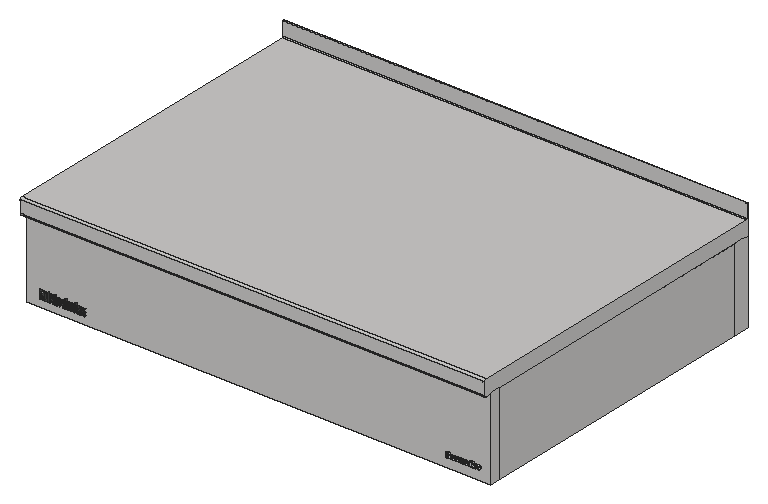
Revit family "QF_ELECTROLUXPROFESSIONAL_588570_MBNABBKOOO", category Attrezzature speciali, Revit 2020
Family settings
  Quota connettore circolare = Usa diametro
  Tipo di parte = Normale
  Basato su piano di lavoro = No
  Sempre verticale = Sì
  Taglio con vuoti quando caricato = No
  Condiviso = No
  Punto di calcolo locali = No
Parameters (values of type "Standard")
  Weight = 35.00 kg
  Watts = 0 W
  Volts = 0 V
  URL Manufacturer = "https://www.electroluxprofessional.com/"
  URL = "https://www.electroluxprofessional.com/"
  Steam Supply Size = 0"
  Steam Supply Minimum Pressure = 0.00 psi
  Steam Supply Maximum Pressure = 0.00 psi
  Steam Consumption per Hour = 0
  Refrigeration Suction Line Size = 0 mm
  Refrigeration Liquid Line Size = 0 mm
  Refrigerant Compressor Remote = yes
  Prospetto di default = 0 mm
  Phase = 0
  Modello = "MBNABBKOOO"
  Produttore = "Electrolux Professional"
  Length Actual = 1200 mm  # constant formula
  Item Number = "588570"
  Hot Water Size = 0"
  Height Actual = 250 mm  # constant formula
  HP = "0 HP"
  Gas Size = 0"
  Gas KW = 0
  Gas Input Pressure = 0.0 Btu/h
  Direct Waste Size = 0"
  Descrizione = "WORK TOP,CLOSED,1S,BACKSPL,1200X850X250H"
  Depth Actual = 850 mm  # constant formula
  Cycle = 0 Hz
  Condensate Return Size = 0"
  Compressed Air Volume = 0 GPM
  Compressed Air Size = 0"
  Compressed Air Pressure = 0.00 psi
  Cold Water Size = 0"
  Accessory = yes
Reference planes
  plane 1 "BACK": y = 0
  plane 2: z = 0
  plane 3 "LEFT": x = 0
  plane 4 "RIGHT": x = 1200
  plane 5 "FRONT": y = -850
  plane 6 "PLAIN": z = 900
  plane 7 "Center (Left/Right)": x = 600
  plane 8 "Center (Front/Back)": y = -425
  plane 9 "Grill": z = 888
  plane 10 "BASE": z = 650
  plane 11 "TOP": z = 938
  plane 12: x = 1085
  plane 13: x = 35
Forms (mm)
  Extrusion 1, solid, material "QF_Finishes_Stainless Steel"
    sketch origin (0, 0, 650) x (0, 1, 0) y (0, 0, 1)
      loop
        line (0, 288) -> (-2, 288) -> (-2, 252)
        arc (-2, 252) -> (-2.586, 250.586) -> (-4, 250) r 2
        line (-4, 250) -> (-845, 250)
        arc (-845, 250) -> (-848.536, 248.536) -> (-850, 245) r 5
        line (-850, 245) -> (-850, 214)
        arc (-850, 214) -> (-848.571, 210.936) -> (-845.305, 210.061) r 4
        line (-845.305, 210.061) -> (-830, 212.969) -> (-20, 212.969) -> (-4.695, 210.061)
        arc (-4.695, 210.061) -> (-1.429, 210.936) -> (0, 214) r 4
        line (0, 214) -> (0, 288)
    from 0 to 1200
  Extrusion 2, solid, material "QF_Finishes_Stainless Steel"
    sketch origin (600, 296.4, 1869.2) x (0, 1, 0) y (0, 0, 1)
      loop
        line (-299.4, -1009.461) -> (-316.4, -1006.231) -> (-341.4, -1006.231) -> (-341.4, -1219.2) -> (-299.4, -1219.2) -> (-299.4, -1009.461)
    from -600 to 600
  Extrusion 3, solid, material "QF_Finishes_Stainless Steel"
    sketch origin (0, 0, 650) x (0, 1, 0) y (0, 0, 1)
      loop
        line (-45, 212.969) -> (-805, 212.969) -> (-805, 0) -> (-45, 0) -> (-45, 212.969)
    from 0 to 1200
  Extrusion 4, solid, material "QF_Finishes_Stainless Steel"
    sketch origin (0, 0, 0) x (0, 1, 0) y (0, 0, 1)
      loop
        line (-805, 862.969) -> (-830, 862.969) -> (-830, 650) -> (-805, 650) -> (-805, 862.969)
    from 0 to 1200
Lines and regions (mm)
  symbolic lines
    curve 1: line (0, -850, 0) -> (0, 0, 0)
    curve 2: line (0, -850, 888) -> (1200, -850, 888)
    curve 3: line (1200, 0, 888) -> (0, 0, 888)
    curve 4: line (1200, -850, 888) -> (1200, 0, 888)
    curve 5: line (1200, -2, 888) -> (0, -2, 888)
Dimensions and locks
  plane 3 "LEFT" to plane 4 "RIGHT" = 1200 mm
  plane 5 "FRONT" to plane 1 "BACK" = 850 mm
  equal spacing: plane 3 "LEFT", plane 7 "Center (Left/Right)", plane 4 "RIGHT"
  equal spacing: plane 5 "FRONT", plane 8 "Center (Front/Back)", plane 1 "BACK"
  locked: plane 6 "PLAIN" to level at 900
  plane 6 "PLAIN" to plane 10 "BASE" = 250 mm
  plane 11 "TOP" to plane 6 "PLAIN" = 38 mm
  locked: plane 12 to plane 4 "RIGHT" at 115
  plane 13 to plane 3 "LEFT" = 35 mm
  aligned and locked: level to plane 2
  aligned and locked: Extrusion 4 to plane 3 "LEFT"
  aligned and locked: Extrusion 4 to plane 4 "RIGHT"
  aligned and locked: plane 3 "LEFT" to Extrusion 2
  aligned and locked: Extrusion 2 to plane 4 "RIGHT"
  aligned and locked: Extrusion 3 to plane 4 "RIGHT"
  aligned and locked: Extrusion 3 to plane 3 "LEFT"
  aligned and locked: Extrusion 1 to plane 3 "LEFT"
  aligned and locked: Extrusion 1 to plane 4 "RIGHT"
  aligned and locked: nested 1 to plane 12
Automatic sketch dimensions
  plane 1 "BACK" to curve 1 = 0 mm
  curve 1 to plane 3 "LEFT" = 0 mm
  plane 5 "FRONT" to curve 1 = 0 mm
  Extrusion 1 sketch curve to plane 5 "FRONT" = 0 mm
  Extrusion 1 sketch curve to plane 6 "PLAIN" = 0 mm
  Extrusion 1 sketch curve to plane 11 "TOP" = 0 mm
  Extrusion 1 sketch curve to plane 1 "BACK" = 0 mm
  Extrusion 1 sketch curve to Extrusion 1 sketch curve = 4 mm
  Extrusion 1 sketch curve to Extrusion 1 sketch curve = 0.695 mm
  Extrusion 1 sketch curve to Extrusion 1 sketch curve = 5 mm
  Extrusion 1 sketch curve to Extrusion 1 sketch curve = 15.305 mm
  plane 1 "BACK" to Extrusion 1 sketch curve = 20 mm
  plane 1 "BACK" to Extrusion 1 sketch curve = 4.695 mm
  plane 1 "BACK" to Extrusion 1 sketch curve = 4 mm  (x2)
  plane 1 "BACK" to Extrusion 1 sketch curve = 2 mm
  Extrusion 1 sketch curve to plane 9 "Grill" = 24 mm  (x2)
  Extrusion 1 sketch curve to Extrusion 1 sketch curve = 2.909 mm
  Extrusion 2 sketch curve to plane 10 "BASE" = 0 mm
  plane 1 "BACK" to Extrusion 2 sketch curve = 45 mm
  plane 1 "BACK" to Extrusion 2 sketch curve = 20 mm
  plane 1 "BACK" to Extrusion 2 sketch curve = 3 mm
  Extrusion 2 sketch curve to plane 9 "Grill" = 28.261 mm
  Extrusion 2 sketch curve to plane 9 "Grill" = 25.031 mm
  Extrusion 3 sketch curve to plane 10 "BASE" = 0 mm
  Extrusion 3 sketch curve to plane 5 "FRONT" = 45 mm
  plane 1 "BACK" to Extrusion 3 sketch curve = 45 mm
  Extrusion 3 sketch curve to plane 9 "Grill" = 25.031 mm
  curve 2 to plane 4 "RIGHT" = 0 mm
  plane 5 "FRONT" to curve 2 = 0 mm
  curve 5 to plane 3 "LEFT" = 0 mm
  plane 1 "BACK" to curve 4 = 0 mm
  curve 3 to plane 3 "LEFT" = 0 mm
  curve 2 to plane 3 "LEFT" = 0 mm
  curve 5 to curve 3 = 2 mm
  Extrusion 4 sketch curve to plane 10 "BASE" = 0 mm
  Extrusion 4 sketch curve to plane 5 "FRONT" = 20 mm
  Extrusion 4 sketch curve to Extrusion 4 sketch curve = 25 mm
  Extrusion 4 sketch curve to plane 9 "Grill" = 25.031 mm
Nested families
  nested 1: "ELX_ThermaLine_Small" at (1124.867, -830, 680) x (1, 0, 0) z (0, -1, 0), type "ELX_ThermaLine_Small"
    with Show Logo yes, Material_Logo QF_Finishes_Black
  nested 2: "ELX_Professional_Logo_Small" at (94.486, -830, 682.232) x (1, 0, 0) z (0, -1, 0), type "ELX_Professional_Logo_Small"
    with Show Logo yes, Material_Logo QF_Finishes_Black
Definition of nested family "ELX_ThermaLine_Small"
  Parameters
    Show Logo [instance] = yes
    Material_Logo [instance] = none
    Default Elevation = 0 mm
  Reference planes
    plane 1 "Centro (Fronte/Retro)": y = 0
    plane 2: z = 0
    plane 3 "Centro (Sinistra/Destra)": x = 0
  Forms (mm)
    Extrusion 1, solid
      sketch origin (0, 0, 0) x (1, 0, 0) y (0, 1, 0)
        loop
          line (-1219.2, 1219.2) -> (-1219.2, -1219.2) -> (1219.2, -1219.2) -> (1219.2, 1219.2) -> (-1219.2, 1219.2)
      from 0 to -304.8
    Extrusion 2, solid
      sketch origin (0, 0, 0) x (1, 0, 0) y (0, 1, 0)
        loop
          line (-37.494, 1.229) -> (-35.908, 1.229) -> (-35.908, 3.066) -> (-37.494, 3.066) -> (-37.494, 6.221) -> (-39.867, 4.881) -> (-39.867, 3.066) -> (-40.969, 3.066) -> (-40.969, 1.229) -> (-39.867, 1.229) -> (-39.867, -3.407)
          arc (-39.867, -3.407) -> (-38.982, -5.513) -> (-36.751, -6.001) r 2.478
          line (-36.751, -6.001) -> (-35.638, -5.7) -> (-35.9, -3.835) -> (-36.661, -4.039)
          arc (-36.661, -4.039) -> (-37.236, -3.924) -> (-37.494, -3.399) r 0.662
          line (-37.494, -3.399) -> (-37.494, 1.229)
        loop
          line (-34.242, 6.539) -> (-34.242, -5.848) -> (-31.854, -5.848) -> (-31.854, -0.078)
          arc (-31.854, -0.078) -> (-30.939, 1.249) -> (-29.33, 1.367) r 1.866
          arc (-29.33, 1.367) -> (-28.695, 0.768) -> (-28.461, -0.073) r 1.627
          line (-28.461, -0.073) -> (-28.461, -5.848) -> (-26.086, -5.848) -> (-26.064, -0.46)
          arc (-26.064, -0.46) -> (-26.261, 0.932) -> (-26.786, 2.237) r 5.825
          arc (-26.786, 2.237) -> (-29.381, 3.264) -> (-31.854, 1.971) r 3.353
          line (-31.854, 1.971) -> (-31.854, 6.539) -> (-34.242, 6.539)
        loop
          arc (-18.398, -0.598) -> (-18.893, 0.879) -> (-20.326, 1.487) r 1.897
          arc (-20.326, 1.487) -> (-21.461, 0.708) -> (-21.897, -0.598) r 2.164
          line (-21.897, -0.598) -> (-18.398, -0.598)
        loop
          arc (-16.021, -2.044) -> (-16.754, 1.227) -> (-19.444, 3.226) r 4.814
          arc (-19.444, 3.226) -> (-22.137, 2.788) -> (-23.943, 0.743) r 4.054
          arc (-23.943, 0.743) -> (-24.382, -1.249) -> (-24.162, -3.276) r 6.289
          arc (-24.162, -3.276) -> (-23.302, -4.71) -> (-21.958, -5.705) r 4.28
          arc (-21.958, -5.705) -> (-18.558, -5.814) -> (-16.152, -3.409) r 4.28
          line (-16.152, -3.409) -> (-18.5, -2.995)
          arc (-18.5, -2.995) -> (-19.273, -3.994) -> (-20.533, -4.076) r 1.536
          arc (-20.533, -4.076) -> (-21.56, -3.281) -> (-21.958, -2.044) r 2.197
          line (-21.958, -2.044) -> (-16.021, -2.044)
        loop
          line (-14.165, -5.848) -> (-11.819, -5.848) -> (-11.819, -2.138)
          arc (-11.819, -2.138) -> (-11.787, -1.156) -> (-11.637, -0.185) r 8.18
          arc (-11.637, -0.185) -> (-10.644, 0.972) -> (-9.132, 0.776) r 1.603
          line (-9.132, 0.776) -> (-8.419, 2.846)
          arc (-8.419, 2.846) -> (-10.432, 3.118) -> (-11.994, 1.821) r 2.527
          line (-11.994, 1.821) -> (-11.994, 3.094) -> (-14.165, 3.094) -> (-14.165, -5.848)
        loop
          line (-7.579, 3.094) -> (-7.579, -5.848) -> (-5.178, -5.848) -> (-5.178, -0.756)
          arc (-5.178, -0.756) -> (-4.727, 0.679) -> (-3.417, 1.419) r 2.05
          arc (-3.417, 1.419) -> (-2.499, 0.908) -> (-2.155, -0.085) r 1.471
          line (-2.155, -0.085) -> (-2.155, -5.848) -> (0.23, -5.848) -> (0.23, -1.001)
          arc (0.23, -1.001) -> (0.47, 0.127) -> (1.148, 1.061) r 2.775
          arc (1.148, 1.061) -> (2.225, 1.329) -> (3.05, 0.587) r 1.182
          arc (3.05, 0.587) -> (3.199, -0.019) -> (3.214, -0.642) r 2.894
          line (3.214, -0.642) -> (3.214, -5.848) -> (5.601, -5.848) -> (5.601, 0.261)
          arc (5.601, 0.261) -> (4.87, 2.263) -> (2.976, 3.241) r 2.932
          arc (2.976, 3.241) -> (1.284, 2.973) -> (-0.047, 1.896) r 3.309
          arc (-0.047, 1.896) -> (-1.116, 2.865) -> (-2.506, 3.258) r 3.16
          arc (-2.506, 3.258) -> (-4.105, 2.942) -> (-5.376, 1.92) r 3.419
          line (-5.376, 1.92) -> (-5.376, 3.094) -> (-7.579, 3.094)
        loop
          line (7.583, 0.738) -> (9.702, 0.364)
          arc (9.702, 0.364) -> (11.441, 1.492) -> (12.855, -0.023) r 1.613
          line (12.855, -0.023) -> (9.782, -0.789)
          arc (9.782, -0.789) -> (8.559, -1.346) -> (7.617, -2.305) r 3.687
          arc (7.617, -2.305) -> (7.499, -3.681) -> (7.901, -5.003) r 3.651
          arc (7.901, -5.003) -> (9.107, -5.766) -> (10.515, -6.006) r 3.635
          arc (10.515, -6.006) -> (11.898, -5.697) -> (13.067, -4.895) r 3.734
          line (13.067, -4.895) -> (13.376, -5.848) -> (15.75, -5.848) -> (15.212, -4.193) -> (15.212, 0.38)
          arc (15.212, 0.38) -> (14.897, 1.849) -> (13.818, 2.895) r 2.585
          arc (13.818, 2.895) -> (11.792, 3.442) -> (9.719, 3.11) r 5.005
          arc (9.719, 3.11) -> (8.369, 2.178) -> (7.583, 0.738) r 3.54
        loop
          line (19.723, -5.848) -> (22.233, -5.848) -> (24.854, 6.484) -> (22.345, 6.484) -> (19.723, -5.848)
        loop
          line (24.583, -5.848) -> (26.953, -5.848) -> (28.848, 3.066) -> (26.478, 3.066) -> (24.583, -5.848)
        loop
          line (27.204, 6.484) -> (26.741, 4.305) -> (29.111, 4.305) -> (29.575, 6.484) -> (27.204, 6.484)
        loop
          line (29.355, -5.848) -> (31.849, -5.848) -> (33.098, 0.028)
          arc (33.098, 0.028) -> (34.169, 1.306) -> (35.832, 1.422) r 2.132
          arc (35.832, 1.422) -> (36.324, 0.752) -> (36.383, -0.078) r 1.5
          line (36.383, -0.078) -> (35.157, -5.848) -> (37.536, -5.848) -> (38.936, 0.738)
          arc (38.936, 0.738) -> (38.775, 2.091) -> (37.825, 3.066) r 2.118
          arc (37.825, 3.066) -> (35.392, 3.175) -> (33.295, 1.937) r 4.271
          line (33.295, 1.937) -> (33.535, 3.066) -> (31.25, 3.066) -> (29.355, -5.848)
        loop
          line (42.792, -0.64) -> (46.589, -0.64)
          arc (46.589, -0.64) -> (46.639, 0.124) -> (46.327, 0.823) r 1.589
          arc (46.327, 0.823) -> (45.117, 1.521) -> (43.762, 1.183) r 1.865
          arc (43.762, 1.183) -> (43.141, 0.344) -> (42.792, -0.64) r 3.538
        loop
          line (42.565, -2.138) -> (48.593, -2.138)
          arc (48.593, -2.138) -> (48.58, 0.597) -> (46.983, 2.818) r 4.494
          arc (46.983, 2.818) -> (44.191, 3.28) -> (41.725, 1.891) r 4.26
          arc (41.725, 1.891) -> (40.503, -0.3) -> (40.284, -2.799) r 6.003
          arc (40.284, -2.799) -> (40.959, -4.468) -> (42.377, -5.576) r 3.482
          arc (42.377, -5.576) -> (44.265, -5.961) -> (46.152, -5.576) r 4.823
          arc (46.152, -5.576) -> (47.432, -4.731) -> (48.328, -3.485) r 4.245
          line (48.328, -3.485) -> (46.168, -3.105)
          arc (46.168, -3.105) -> (45.214, -4.072) -> (43.859, -4.181) r 1.953
          arc (43.859, -4.181) -> (42.821, -3.408) -> (42.565, -2.138) r 1.81
        loop
          line (12.868, -1.553) -> (10.216, -2.214)
          arc (10.216, -2.214) -> (9.747, -3.136) -> (10.216, -4.058) r 1.14
          arc (10.216, -4.058) -> (11.537, -4.249) -> (12.614, -3.46) r 1.763
          arc (12.614, -3.46) -> (12.858, -2.522) -> (12.868, -1.553) r 3.97
      from 0 to 1.6
  Dimensions and locks
    aligned and locked: plane 2 to Extrusion 1
    aligned and locked: level to Extrusion 1
Definition of nested family "ELX_Professional_Logo_Small"
  Parameters
    Show Logo [instance] = yes
    Material_Logo [instance] = none
    Default Elevation = 0 mm
  Reference planes
    plane 1 "Centro (Fronte/Retro)": y = 0
    plane 2: z = 0
    plane 3 "Centro (Sinistra/Destra)": x = 0
  Forms (mm)
    Extrusion 1, solid
      sketch origin (0, 0, 0) x (1, 0, 0) y (0, 1, 0)
        loop
          line (-1219.2, 1219.2) -> (-1219.2, -1219.2) -> (1219.2, -1219.2) -> (1219.2, 1219.2) -> (-1219.2, 1219.2)
      from 0 to -304.8
    Extrusion 2, solid, material <- "Material_Logo"
      sketch origin (15.5, 0, 0) x (1, 0, 0) y (0, 1, 0)
        loop
          spline (-42.99, -1.24) -> (-43.195, -1.231) -> (-43.415, -1.203) -> (-43.642, -1.152) -> (-43.87, -1.074) -> (-44.095, -0.966) -> (-44.309, -0.825) -> (-44.506, -0.647) -> (-44.681, -0.429) -> (-44.828, -0.167) -> (-44.94, 0.142) -> (-45.011, 0.501) -> (-45.037, 0.915)
          line (-45.037, 0.915) -> (-45.037, 2.748) -> (-38.984, 2.748) -> (-38.984, 5.086) -> (-45.038, 5.086) -> (-45.038, 8.489) -> (-38.599, 8.489) -> (-38.599, 10.82) -> (-47.515, 10.82) -> (-47.515, 1.021)
          spline (-47.515, 1.021) -> (-47.493, 0.418) -> (-47.425, -0.15) -> (-47.311, -0.682) -> (-47.15, -1.175) -> (-46.939, -1.628) -> (-46.678, -2.038) -> (-46.365, -2.404) -> (-46, -2.723) -> (-45.58, -2.995) -> (-45.105, -3.216) -> (-44.573, -3.385) -> (-43.983, -3.499)
          line (-43.983, -3.499) -> (-43.01, -3.569) -> (-38.426, -3.569) -> (-38.426, -1.24) -> (-42.99, -1.24)
        loop
          line (-36.666, 4.021) -> (-36.666, -3.573) -> (-34.188, -3.573) -> (-34.188, 10.824) -> (-36.666, 10.824) -> (-36.666, 4.021)
        loop
          spline (-21.915, 1.897) -> (-21.957, 2.615) -> (-22.082, 3.303) -> (-22.285, 3.955) -> (-22.563, 4.564) -> (-22.913, 5.124) -> (-23.331, 5.629) -> (-23.814, 6.074) -> (-24.359, 6.451) -> (-24.961, 6.755) -> (-25.618, 6.98) -> (-26.326, 7.119) -> (-27.081, 7.167)
          spline (-27.081, 7.167) -> (-27.853, 7.122) -> (-28.586, 6.99) -> (-29.275, 6.774) -> (-29.915, 6.478) -> (-30.5, 6.104) -> (-31.024, 5.657) -> (-31.483, 5.138) -> (-31.871, 4.553) -> (-32.182, 3.904) -> (-32.411, 3.194) -> (-32.552, 2.427) -> (-32.6, 1.606)
          spline (-32.6, 1.606) -> (-32.553, 0.805) -> (-32.416, 0.057) -> (-32.193, -0.637) -> (-31.887, -1.271) -> (-31.504, -1.843) -> (-31.048, -2.35) -> (-30.523, -2.788) -> (-29.934, -3.154) -> (-29.284, -3.444) -> (-28.579, -3.656) -> (-27.822, -3.785) -> (-27.019, -3.829)
          spline (-27.019, -3.829) -> (-26.627, -3.82) -> (-26.239, -3.79) -> (-25.856, -3.739) -> (-25.477, -3.663) -> (-25.103, -3.562) -> (-24.734, -3.432) -> (-24.369, -3.273) -> (-24.01, -3.082) -> (-23.655, -2.858) -> (-23.305, -2.597) -> (-22.96, -2.299) -> (-22.621, -1.962)
          line (-22.621, -1.962) -> (-24.114, -0.509)
          spline (-24.114, -0.509) -> (-24.311, -0.699) -> (-24.509, -0.872) -> (-24.71, -1.03) -> (-24.915, -1.172) -> (-25.126, -1.297) -> (-25.346, -1.407) -> (-25.576, -1.5) -> (-25.817, -1.576) -> (-26.072, -1.636) -> (-26.342, -1.678) -> (-26.629, -1.704) -> (-26.936, -1.713)
          spline (-26.936, -1.713) -> (-27.384, -1.691) -> (-27.805, -1.625) -> (-28.196, -1.518) -> (-28.556, -1.372) -> (-28.882, -1.187) -> (-29.174, -0.966) -> (-29.429, -0.71) -> (-29.645, -0.422) -> (-29.821, -0.102) -> (-29.955, 0.247) -> (-30.045, 0.623) -> (-30.089, 1.026)
          line (-30.089, 1.026) -> (-21.956, 1.026) -> (-21.915, 1.897)
        loop
          spline (-24.446, 2.769) -> (-24.47, 3.075) -> (-24.54, 3.37) -> (-24.654, 3.65) -> (-24.807, 3.913) -> (-24.996, 4.156) -> (-25.219, 4.376) -> (-25.472, 4.57) -> (-25.753, 4.736) -> (-26.057, 4.869) -> (-26.382, 4.968) -> (-26.724, 5.03) -> (-27.081, 5.051)
          spline (-27.081, 5.051) -> (-27.464, 5.03) -> (-27.832, 4.97) -> (-28.183, 4.872) -> (-28.513, 4.74) -> (-28.819, 4.577) -> (-29.099, 4.384) -> (-29.347, 4.165) -> (-29.563, 3.923) -> (-29.742, 3.659) -> (-29.881, 3.377) -> (-29.977, 3.079) -> (-30.027, 2.769)
          line (-30.027, 2.769) -> (-24.446, 2.769)
        loop
          spline (-18.167, 1.669) -> (-18.138, 2.13) -> (-18.055, 2.567) -> (-17.921, 2.978) -> (-17.739, 3.358) -> (-17.512, 3.705) -> (-17.243, 4.016) -> (-16.937, 4.287) -> (-16.596, 4.517) -> (-16.223, 4.7) -> (-15.823, 4.835) -> (-15.398, 4.919) -> (-14.951, 4.947)
          spline (-14.951, 4.947) -> (-14.677, 4.938) -> (-14.414, 4.913) -> (-14.162, 4.871) -> (-13.921, 4.812) -> (-13.69, 4.738) -> (-13.467, 4.649) -> (-13.254, 4.544) -> (-13.048, 4.424) -> (-12.85, 4.291) -> (-12.659, 4.143) -> (-12.474, 3.981) -> (-12.295, 3.806)
          line (-12.295, 3.806) -> (-10.76, 5.403)
          spline (-10.76, 5.403) -> (-11.065, 5.709) -> (-11.38, 5.984) -> (-11.703, 6.228) -> (-12.035, 6.443) -> (-12.375, 6.63) -> (-12.723, 6.788) -> (-13.078, 6.92) -> (-13.44, 7.026) -> (-13.809, 7.107) -> (-14.184, 7.164) -> (-14.564, 7.198) -> (-14.951, 7.209)
          spline (-14.951, 7.209) -> (-15.725, 7.161) -> (-16.467, 7.02) -> (-17.169, 6.792) -> (-17.826, 6.482) -> (-18.43, 6.096) -> (-18.976, 5.637) -> (-19.455, 5.112) -> (-19.862, 4.525) -> (-20.19, 3.882) -> (-20.433, 3.189) -> (-20.584, 2.449) -> (-20.635, 1.669)
          spline (-20.635, 1.669) -> (-20.584, 0.889) -> (-20.433, 0.149) -> (-20.19, -0.545) -> (-19.862, -1.187) -> (-19.455, -1.774) -> (-18.976, -2.299) -> (-18.43, -2.758) -> (-17.826, -3.145) -> (-17.169, -3.454) -> (-16.467, -3.682) -> (-15.725, -3.823) -> (-14.951, -3.871)
          spline (-14.951, -3.871) -> (-14.564, -3.86) -> (-14.184, -3.826) -> (-13.809, -3.77) -> (-13.44, -3.689) -> (-13.078, -3.583) -> (-12.723, -3.451) -> (-12.375, -3.292) -> (-12.035, -3.105) -> (-11.703, -2.89) -> (-11.38, -2.646) -> (-11.065, -2.371) -> (-10.76, -2.066)
          line (-10.76, -2.066) -> (-12.295, -0.468)
          spline (-12.295, -0.468) -> (-12.474, -0.643) -> (-12.659, -0.805) -> (-12.85, -0.953) -> (-13.048, -1.087) -> (-13.254, -1.206) -> (-13.467, -1.311) -> (-13.69, -1.4) -> (-13.921, -1.475) -> (-14.162, -1.533) -> (-14.414, -1.575) -> (-14.677, -1.6) -> (-14.951, -1.609)
          spline (-14.951, -1.609) -> (-15.398, -1.581) -> (-15.823, -1.497) -> (-16.223, -1.362) -> (-16.596, -1.179) -> (-16.937, -0.95) -> (-17.243, -0.678) -> (-17.512, -0.367) -> (-17.739, -0.02) -> (-17.921, 0.36) -> (-18.055, 0.771) -> (-18.138, 1.208) -> (-18.167, 1.669)
        loop
          spline (-4.441, -1.243) -> (-4.659, -1.247) -> (-4.894, -1.23) -> (-5.137, -1.19) -> (-5.384, -1.121) -> (-5.628, -1.021) -> (-5.864, -0.884) -> (-6.084, -0.708) -> (-6.283, -0.488) -> (-6.454, -0.219) -> (-6.592, 0.101) -> (-6.69, 0.478) -> (-6.742, 0.914)
          line (-6.742, 0.914) -> (-6.742, 4.587) -> (-4.487, 4.587) -> (-4.487, 6.838) -> (-6.738, 6.838) -> (-6.738, 10.824) -> (-9.217, 10.824) -> (-9.217, 0.773)
          spline (-9.217, 0.773) -> (-9.164, 0.19) -> (-9.068, -0.358) -> (-8.928, -0.87) -> (-8.742, -1.343) -> (-8.511, -1.777) -> (-8.232, -2.168) -> (-7.904, -2.515) -> (-7.527, -2.816) -> (-7.098, -3.069) -> (-6.618, -3.273) -> (-6.084, -3.426) -> (-5.496, -3.525)
          line (-5.496, -3.525) -> (-4.45, -3.573) -> (-4.441, -1.243)
        loop
          spline (3.898, 6.983) -> (3.469, 7.009) -> (3.056, 7.001) -> (2.661, 6.961) -> (2.283, 6.888) -> (1.925, 6.785) -> (1.588, 6.652) -> (1.272, 6.49) -> (0.979, 6.301) -> (0.71, 6.085) -> (0.465, 5.844) -> (0.247, 5.578) -> (0.056, 5.289)
          line (0.056, 5.289) -> (0.056, 6.838) -> (-2.402, 6.838) -> (-2.402, -3.572) -> (0.056, -3.572) -> (0.056, 1.901)
          spline (0.056, 1.901) -> (0.079, 2.316) -> (0.145, 2.703) -> (0.254, 3.06) -> (0.404, 3.386) -> (0.592, 3.679) -> (0.818, 3.938) -> (1.08, 4.162) -> (1.375, 4.348) -> (1.703, 4.495) -> (2.062, 4.602) -> (2.45, 4.668) -> (2.865, 4.69)
          line (2.865, 4.69) -> (3.898, 4.586) -> (3.898, 6.983)
        loop
          spline (15.638, 1.633) -> (15.586, 2.396) -> (15.435, 3.124) -> (15.192, 3.81) -> (14.863, 4.449) -> (14.455, 5.034) -> (13.975, 5.56) -> (13.43, 6.021) -> (12.826, 6.411) -> (12.17, 6.724) -> (11.469, 6.955) -> (10.729, 7.098) -> (9.958, 7.147)
          spline (9.958, 7.147) -> (9.182, 7.098) -> (8.44, 6.955) -> (7.737, 6.724) -> (7.081, 6.411) -> (6.477, 6.021) -> (5.933, 5.56) -> (5.454, 5.034) -> (5.048, 4.449) -> (4.721, 3.81) -> (4.479, 3.124) -> (4.329, 2.396) -> (4.277, 1.633)
          spline (4.277, 1.633) -> (4.329, 0.869) -> (4.479, 0.141) -> (4.721, -0.544) -> (5.048, -1.183) -> (5.454, -1.768) -> (5.933, -2.294) -> (6.477, -2.755) -> (7.081, -3.145) -> (7.737, -3.459) -> (8.44, -3.69) -> (9.182, -3.833) -> (9.958, -3.882)
          spline (9.958, -3.882) -> (10.729, -3.833) -> (11.469, -3.69) -> (12.17, -3.459) -> (12.826, -3.145) -> (13.43, -2.755) -> (13.975, -2.294) -> (14.455, -1.768) -> (14.863, -1.183) -> (15.192, -0.544) -> (15.435, 0.141) -> (15.586, 0.869) -> (15.638, 1.633)
        loop
          spline (13.18, 1.633) -> (13.151, 2.083) -> (13.067, 2.513) -> (12.932, 2.918) -> (12.748, 3.296) -> (12.52, 3.642) -> (12.251, 3.954) -> (11.943, 4.227) -> (11.601, 4.459) -> (11.228, 4.645) -> (10.828, 4.782) -> (10.403, 4.867) -> (9.958, 4.896)
          spline (9.958, 4.896) -> (9.509, 4.867) -> (9.081, 4.782) -> (8.679, 4.645) -> (8.306, 4.459) -> (7.964, 4.227) -> (7.658, 3.954) -> (7.39, 3.642) -> (7.163, 3.296) -> (6.981, 2.918) -> (6.847, 2.513) -> (6.765, 2.083) -> (6.736, 1.633)
          spline (6.736, 1.633) -> (6.765, 1.182) -> (6.847, 0.753) -> (6.981, 0.347) -> (7.163, -0.031) -> (7.39, -0.377) -> (7.658, -0.689) -> (7.964, -0.962) -> (8.306, -1.193) -> (8.679, -1.38) -> (9.081, -1.517) -> (9.509, -1.602) -> (9.958, -1.631)
          spline (9.958, -1.631) -> (10.403, -1.602) -> (10.828, -1.517) -> (11.228, -1.38) -> (11.601, -1.193) -> (11.943, -0.962) -> (12.251, -0.689) -> (12.52, -0.377) -> (12.748, -0.031) -> (12.932, 0.347) -> (13.067, 0.753) -> (13.151, 1.182) -> (13.18, 1.633)
        loop
          line (17.162, 4.269) -> (17.162, -3.573) -> (19.642, -3.573) -> (19.642, 10.824) -> (17.162, 10.824) -> (17.162, 4.269)
        loop
          line (28.581, 6.838) -> (28.581, 0.786)
          spline (28.581, 0.786) -> (28.561, 0.393) -> (28.503, 0.038) -> (28.409, -0.279) -> (28.281, -0.559) -> (28.122, -0.802) -> (27.933, -1.011) -> (27.717, -1.185) -> (27.476, -1.325) -> (27.213, -1.433) -> (26.929, -1.509) -> (26.626, -1.554) -> (26.308, -1.569)
          spline (26.308, -1.569) -> (25.99, -1.554) -> (25.688, -1.509) -> (25.404, -1.434) -> (25.141, -1.326) -> (24.9, -1.187) -> (24.684, -1.014) -> (24.496, -0.807) -> (24.336, -0.565) -> (24.209, -0.288) -> (24.115, 0.026) -> (24.057, 0.376) -> (24.037, 0.765)
          line (24.037, 0.765) -> (24.037, 6.838) -> (21.537, 6.838) -> (21.537, 0.558)
          spline (21.537, 0.558) -> (21.581, -0.153) -> (21.71, -0.8) -> (21.916, -1.384) -> (22.195, -1.904) -> (22.54, -2.362) -> (22.944, -2.757) -> (23.403, -3.09) -> (23.909, -3.362) -> (24.456, -3.572) -> (25.04, -3.722) -> (25.652, -3.811) -> (26.288, -3.841)
          spline (26.288, -3.841) -> (26.929, -3.811) -> (27.547, -3.72) -> (28.135, -3.568) -> (28.687, -3.355) -> (29.197, -3.079) -> (29.66, -2.741) -> (30.068, -2.341) -> (30.415, -1.877) -> (30.696, -1.349) -> (30.905, -0.757) -> (31.034, -0.101) -> (31.079, 0.621)
          line (31.079, 0.621) -> (31.079, 6.838) -> (28.581, 6.838)
        loop
          line (40.457, -0.243) -> (38.894, 1.942) -> (40.83, 4.579) -> (42.488, 6.837) -> (39.782, 6.837) -> (37.53, 3.719) -> (35.258, 6.837) -> (32.573, 6.837) -> (34.113, 4.731) -> (36.167, 1.922) -> (34.014, -1.076) -> (32.222, -3.573) -> (34.887, -3.573) -> (37.53, 0.104) -> (40.174, -3.573) -> (42.839, -3.573) -> (40.457, -0.243)
        loop
          line (-46.121, -5.837) -> (-48.039, -5.837) -> (-48.039, -10.814) -> (-47.016, -10.814) -> (-47.016, -9.128) -> (-46.121, -9.128)
          arc (-46.121, -9.128) -> (-44.476, -7.482) -> (-46.121, -5.837) r 1.645
        loop
          line (-46.163, -6.778) -> (-47.016, -6.778) -> (-47.016, -8.187) -> (-46.163, -8.187)
          arc (-46.163, -8.187) -> (-45.458, -7.482) -> (-46.163, -6.778) r 0.704
        loop
          line (-38.313, -5.837) -> (-40.265, -5.837) -> (-40.265, -10.814) -> (-39.241, -10.814) -> (-39.241, -9.1) -> (-38.46, -9.182) -> (-37.48, -10.814) -> (-36.318, -10.814) -> (-37.513, -8.848)
          arc (-37.513, -8.848) -> (-36.888, -8.266) -> (-36.671, -7.441) r 1.536
          arc (-36.671, -7.441) -> (-37.165, -6.305) -> (-38.313, -5.837) r 1.643
        loop
          arc (-38.402, -8.166) -> (-37.707, -7.505) -> (-38.334, -6.778) r 0.696
          line (-38.334, -6.778) -> (-39.241, -6.778) -> (-39.241, -8.166) -> (-38.402, -8.166)
        loop
          circle (-29.965, -8.325) r 2.585
        loop
          circle (-29.965, -8.325) r 1.64
        loop
          line (-23.1, -5.837) -> (-23.1, -10.814) -> (-22.076, -10.814) -> (-22.076, -8.768) -> (-20.204, -8.768) -> (-20.204, -7.828) -> (-22.076, -7.828) -> (-22.076, -6.778) -> (-20.024, -6.778) -> (-20.024, -5.837) -> (-23.1, -5.837)
        loop
          line (-15.802, -5.837) -> (-15.802, -9.2)
          arc (-15.802, -9.2) -> (-15.343, -10.34) -> (-14.209, -10.814) r 1.593
          line (-14.209, -10.814) -> (-12.602, -10.814) -> (-12.602, -10.027) -> (-14.004, -10.027)
          arc (-14.004, -10.027) -> (-14.552, -9.8) -> (-14.779, -9.252) r 0.775
          line (-14.779, -9.252) -> (-14.779, -8.424) -> (-12.789, -8.424) -> (-12.789, -7.642) -> (-14.779, -7.642) -> (-14.779, -6.778) -> (-12.651, -6.778) -> (-12.651, -5.837) -> (-15.802, -5.837)
        loop
          line (-5.909, -7.143) -> (-5.173, -6.638)
          arc (-5.173, -6.638) -> (-5.855, -5.974) -> (-6.781, -5.755) r 1.782
          arc (-6.781, -5.755) -> (-7.397, -5.878) -> (-7.944, -6.189) r 1.974
          arc (-7.944, -6.189) -> (-8.202, -6.5) -> (-8.317, -6.888) r 1.013
          arc (-8.317, -6.888) -> (-8.306, -7.341) -> (-8.192, -7.78) r 1.985
          arc (-8.192, -7.78) -> (-7.749, -8.259) -> (-7.171, -8.563) r 1.928
          arc (-7.171, -8.563) -> (-6.637, -8.779) -> (-6.131, -9.056) r 5.041
          arc (-6.131, -9.056) -> (-5.934, -9.387) -> (-6.09, -9.74) r 0.42
          arc (-6.09, -9.74) -> (-6.631, -9.96) -> (-7.204, -9.845) r 1.016
          arc (-7.204, -9.845) -> (-7.625, -9.603) -> (-7.889, -9.196) r 1.033
          line (-7.889, -9.196) -> (-8.67, -9.686)
          arc (-8.67, -9.686) -> (-8.361, -10.198) -> (-7.908, -10.589) r 1.914
          arc (-7.908, -10.589) -> (-7.334, -10.834) -> (-6.714, -10.896) r 2.063
          arc (-6.714, -10.896) -> (-5.947, -10.743) -> (-5.256, -10.376) r 2.696
          arc (-5.256, -10.376) -> (-4.95, -9.565) -> (-5.108, -8.712) r 1.618
          arc (-5.108, -8.712) -> (-5.448, -8.319) -> (-5.884, -8.035) r 1.876
          arc (-5.884, -8.035) -> (-6.434, -7.789) -> (-6.999, -7.577) r 9.883
          arc (-6.999, -7.577) -> (-7.325, -7.07) -> (-6.854, -6.694) r 0.45
          arc (-6.854, -6.694) -> (-6.329, -6.809) -> (-5.909, -7.143) r 1.197
        loop
          line (1.61, -7.143) -> (2.345, -6.638)
          arc (2.345, -6.638) -> (1.663, -5.974) -> (0.737, -5.755) r 1.782
          arc (0.737, -5.755) -> (0.121, -5.878) -> (-0.425, -6.189) r 1.974
          arc (-0.425, -6.189) -> (-0.683, -6.5) -> (-0.799, -6.888) r 1.013
          arc (-0.799, -6.888) -> (-0.788, -7.341) -> (-0.674, -7.78) r 1.985
          arc (-0.674, -7.78) -> (-0.231, -8.259) -> (0.347, -8.563) r 1.928
          arc (0.347, -8.563) -> (0.881, -8.779) -> (1.387, -9.056) r 5.041
          arc (1.387, -9.056) -> (1.584, -9.387) -> (1.428, -9.74) r 0.42
          arc (1.428, -9.74) -> (0.887, -9.96) -> (0.314, -9.845) r 1.016
          arc (0.314, -9.845) -> (-0.107, -9.603) -> (-0.371, -9.196) r 1.033
          line (-0.371, -9.196) -> (-1.152, -9.686)
          arc (-1.152, -9.686) -> (-0.842, -10.198) -> (-0.39, -10.589) r 1.914
          arc (-0.39, -10.589) -> (0.184, -10.834) -> (0.804, -10.896) r 2.063
          arc (0.804, -10.896) -> (1.572, -10.743) -> (2.263, -10.376) r 2.696
          arc (2.263, -10.376) -> (2.568, -9.565) -> (2.411, -8.712) r 1.618
          arc (2.411, -8.712) -> (2.07, -8.319) -> (1.635, -8.035) r 1.876
          arc (1.635, -8.035) -> (1.084, -7.789) -> (0.519, -7.577) r 9.883
          arc (0.519, -7.577) -> (0.193, -7.07) -> (0.665, -6.694) r 0.45
          arc (0.665, -6.694) -> (1.189, -6.809) -> (1.61, -7.143) r 1.197
        loop
          line (6.801, -5.837) -> (6.801, -10.814) -> (7.825, -10.814) -> (7.825, -5.837) -> (6.801, -5.837)
        loop
          circle (14.724, -8.325) r 1.548
        loop
          circle (14.724, -8.325) r 2.585
        loop
          line (21.59, -10.814) -> (22.623, -10.814) -> (22.623, -7.685) -> (24.9, -10.814) -> (25.895, -10.814) -> (25.895, -5.837) -> (24.861, -5.837) -> (24.861, -9.061) -> (22.585, -5.837) -> (21.59, -5.837) -> (21.59, -10.814)
        loop
          line (31.054, -10.814) -> (31.539, -9.74) -> (33.38, -9.74) -> (33.865, -10.814) -> (34.965, -10.814) -> (32.46, -5.837) -> (29.956, -10.814) -> (31.054, -10.814)
        loop
          line (32.46, -7.698) -> (31.999, -8.719) -> (32.921, -8.719) -> (32.46, -7.698)
        loop
          line (40.047, -9.873) -> (40.047, -5.837) -> (39.024, -5.837) -> (39.024, -10.814) -> (41.961, -10.814) -> (41.961, -9.873) -> (40.047, -9.873)
        loop
          line (-74.986, -10.814) -> (-53.322, -10.814) -> (-53.322, 10.82) -> (-74.986, 10.82) -> (-74.986, -10.814)
        loop
          line (-61.261, 9.758) -> (-61.261, -9.707)
          arc (-61.261, -9.707) -> (-54.066, 0.025) -> (-61.261, 9.758) r 10.18
        loop
          line (-62.251, 8.349) -> (-62.251, 9.758)
          arc (-62.251, 9.758) -> (-70.347, 7.918) -> (-74.247, 0.59) r 9.976
          line (-74.247, 0.59) -> (-71.026, 0.59)
          arc (-71.026, 0.59) -> (-65.274, 2.925) -> (-62.251, 8.349) r 9.351
        loop
          arc (-74.247, -0.539) -> (-70.353, -7.928) -> (-62.251, -9.957) r 10.237
          line (-62.251, -9.957) -> (-62.251, -8.298)
          arc (-62.251, -8.298) -> (-65.274, -2.874) -> (-71.026, -0.539) r 9.351
          line (-71.026, -0.539) -> (-74.247, -0.539)
      from 0 to 1.644
  Dimensions and locks
    aligned and locked: plane 2 to Extrusion 1
    aligned and locked: level to Extrusion 1
